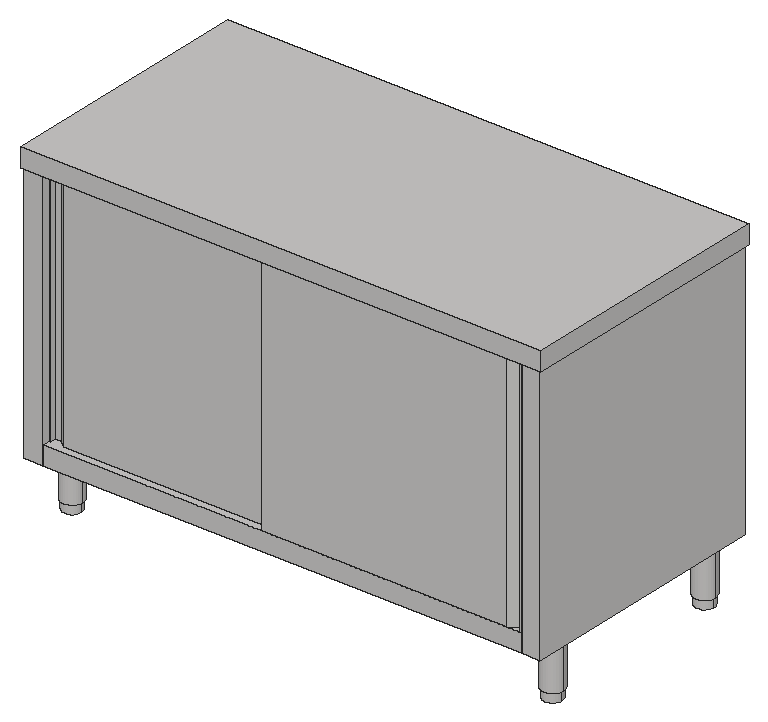
Revit family "QF_ZANUSSI_132772_MTN1400PN", category Specialty Equipment, Revit 2023
Family settings
  Round Connector Dimension = Use Diameter
  Part Type = Normal
  Work Plane-Based = No
  Enable Cutting in Views = No
  Always vertical = Yes
  Cut with Voids When Loaded = No
  Maintain Annotation Orientation = No
  Shared = No
  Room Calculation Point = No
Parameters (values of type "Standard")
  Weight = 60.00 kg
  Watts = 0 W
  Volts = 0 V
  URL Manufacturer = "http://www.zanussiprofessional.com"
  URL = "http://www.zanussiprofessional.com"
  Steam Supply Size = 0 mm
  Steam Supply Minimum Pressure = 0.0 Pa
  Steam Supply Maximum Pressure = 0.0 Pa
  Steam Consumption per Hour = 0
  Refrigeration Suction Line Size = 0.0 mm
  Refrigeration Liquid Line Size = 0.0 mm
  Refrigerant Compressor Remote = yes
  Default Elevation = 0.0 mm
  Manufacturer = "Zanussi"
  Phase = 0
  Model = "MTN1400PN"
  Length Actual = 1400.0 mm
  Item Number = "132772"
  Hot Water Size = 0 mm
  Height Actual = 900.0 mm
  HP = "0 HP"
  Gas Size = 0 mm
  Gas KW = 0
  Gas Input Pressure = 0 W
  Direct Waste Size = 0 mm
  Description = "WORKTOP CUPB.+SHELF+SLIDING DOORS 1400MM"
  Depth Actual = 700.0 mm
  Cycle = 0 Hz
  Condensate Return Size = 0 mm
  Compressed Air Volume = 0.0 L/s
  Compressed Air Size = 0 mm
  Compressed Air Pressure = 0.0 Pa
  Cold Water Size = 0 mm
  Accessory = no
Reference planes
  plane 1 "Center (Front/Back)": y = 0
  plane 2: z = 0
  plane 3 "Center (Left/Right)": x = -200
  plane 4 "LEFT": x = -900
  plane 5 "RIGHT": x = 500
  plane 6 "BACK": y = 350
  plane 7 "FRONT": y = -350
  plane 8 "Base": z = 850
  plane 9 "TOP": z = 900
  plane 10: x = -846.9
  plane 11: x = 446.9
  plane 12: y = 270
  plane 13: y = -241.9
  plane 14 "BodyLeft": x = -894.5
  plane 15 "BodyFront": y = -344.5
  plane 16 "BodyRight": x = 494.5
  plane 17 "BodyBack": y = 344.5
  plane 18 "FEET": z = 150
  plane 19: x = -144.5
  plane 20: x = -255.5
Forms (mm)
  Extrusion 1, solid, material "QF_Finishes_Stainless Steel"
    sketch origin (-200, 0, 0) x (0, 1, 0) y (0, 0, 1)
      loop
        line (-350, 850) -> (350, 850) -> (350, 900) -> (-350, 900) -> (-350, 850)
    from 700 to -700
  Extrusion 2, solid, material "QF_Finishes_Stainless Steel"
    sketch origin (0, 0, 150) x (-1, 0, 0) y (0, -1, 0)
      loop
        line (894.5, -344.5) -> (894.5, 344.5) -> (844.5, 344.5) -> (844.5, -344.5) -> (894.5, -344.5)
      loop
        line (-444.5, -344.5) -> (-444.5, 344.5) -> (-494.5, 344.5) -> (-494.5, -344.5) -> (-444.5, -344.5)
    from 0 to 700
  Extrusion 3, solid, material "QF_Finishes_Stainless Steel"
    sketch origin (0, 0, 150) x (-1, 0, 0) y (0, -1, 0)
      loop
        line (843.585, -344.5) -> (843.585, 344.5) -> (-444.5, 344.5) -> (-444.5, -344.5) -> (843.585, -344.5)
    from 0 to 50
  Extrusion 4, solid, material "QF_Finishes_Stainless Steel"
    sketch origin (0, 0, 150) x (-1, 0, 0) y (0, -1, 0)
      loop
        line (843.585, -344.5) -> (843.585, -294.5) -> (-444.5, -294.5) -> (-444.5, -344.5) -> (843.585, -344.5)
    from 50 to 700
  Extrusion 5, solid, material "QF_Finishes_Stainless Steel"
    sketch origin (0, 0, 150) x (-1, 0, 0) y (0, -1, 0)
      loop
        line (-444.5, 344.5) -> (-444.5, 324.5) -> (255.5, 324.5) -> (255.5, 344.5) -> (-404.5, 344.5) -> (-424.5, 329.5) -> (-439.5, 329.5) -> (-439.5, 344.5) -> (-444.5, 344.5)
    from 50 to 700
  Extrusion 6, solid, material "QF_Finishes_Stainless Steel"
    sketch origin (0, 20, 150) x (1, 0, 0) y (0, 1, 0)
      loop
        line (-844.5, -344.5) -> (-839.5, -344.5) -> (-839.5, -329.5) -> (-824.5, -329.5) -> (-804.5, -344.5) -> (-144.5, -344.5) -> (-144.5, -324.5) -> (-844.5, -324.5) -> (-844.5, -344.5)
    from 50 to 700
Lines and regions (mm)
  symbolic lines
    curve 1: line (500, 350, 900) -> (-900, 350, 900)
    curve 2: line (-900, 350, 900) -> (-900, -350, 900)
    curve 3: line (-900, -350, 900) -> (500, -350, 900)
    curve 4: line (500, -350, 900) -> (500, 350, 900)
  symbolic lines, style "SpecialityEquipmentHiddenLines"
    curve 5: line (-894.5, 344.5, 150) -> (494.5, 344.5, 150)
    curve 6: line (-894.5, -344.5, 150) -> (-894.5, 344.5, 150)
    curve 7: line (494.5, -344.5, 150) -> (-894.5, -344.5, 150)
    curve 8: line (494.5, 344.5, 150) -> (494.5, -344.5, 150)
    curve 9: line (-844.5, -304.5, 150) -> (-144.5, -304.5, 150)
    curve 10: line (-144.5, -304.5, 150) -> (-144.5, -324.5, 150)
    curve 11: line (-844.5, -324.5, 150) -> (444.5, -324.5, 150)
    curve 12: line (444.5, -324.5, 150) -> (444.5, -344.5, 150)
    curve 13: line (-255.5, -324.5, 150) -> (-255.5, -344.5, 150)
    curve 14: line (-844.5, -304.5, 150) -> (-844.5, -324.5, 150)
Dimensions and locks
  plane 4 "LEFT" to plane 5 "RIGHT" = 1400.0 mm
  equal spacing: plane 4 "LEFT", plane 3 "Center (Left/Right)", plane 5 "RIGHT"
  locked: plane 8 "Base" to level at 850
  plane 9 "TOP" to level = 900.0 mm
  plane 6 "BACK" to plane 7 "FRONT" = 700.0 mm
  equal spacing: plane 6 "BACK", plane 1 "Center (Front/Back)", plane 7 "FRONT"
  locked: plane 4 "LEFT" to plane 14 "BodyLeft" at 5.5
  locked: plane 16 "BodyRight" to plane 5 "RIGHT" at 5.5
  locked: plane 15 "BodyFront" to plane 7 "FRONT" at 5.5
  locked: plane 6 "BACK" to plane 17 "BodyBack" at 5.5
  locked: plane 14 "BodyLeft" to plane 10 at 47.6
  locked: plane 11 to plane 16 "BodyRight" at 47.6
  locked: plane 13 to plane 15 "BodyFront" at 102.6
  locked: plane 17 "BodyBack" to plane 12 at 74.5
  plane 10 to plane 11 = 1293.8 mm
  plane 12 to plane 13 = 511.9 mm
  locked: plane 14 "BodyLeft" to Extrusion 2 sketch curve at 50
  locked: Extrusion 2 sketch curve to Extrusion 2 sketch curve at 50
  Extrusion 3 to Extrusion 4 sketch curve = 50.0 mm
  Extrusion 2 to plane 19 = 700.0 mm
  plane 20 to Extrusion 2 = 700.0 mm
  locked: plane 18 "FEET" to level at 150
  aligned and locked: level to plane 2
  aligned and locked: plane 10 to nested 1
  aligned and locked: nested 1 to plane 13
  aligned and locked: plane 11 to nested 2
  aligned and locked: nested 2 to plane 13
  aligned and locked: plane 11 to nested 4
  aligned and locked: nested 4 to plane 12
  aligned and locked: plane 10 to nested 3
  aligned and locked: nested 3 to plane 12
  aligned and locked: Extrusion 1 to plane 4 "LEFT"
  aligned and locked: plane 5 "RIGHT" to Extrusion 1
  aligned and locked: curve 2 to plane 4 "LEFT"
  aligned and locked: plane 17 "BodyBack" to Extrusion 2 sketch curve
  aligned and locked: Extrusion 2 sketch curve to plane 15 "BodyFront"
  aligned and locked: Extrusion 2 sketch curve to plane 14 "BodyLeft"
  aligned and locked: plane 16 "BodyRight" to Extrusion 2 sketch curve
  aligned and locked: Extrusion 2 sketch curve to plane 17 "BodyBack"
  aligned and locked: plane 15 "BodyFront" to Extrusion 2 sketch curve
  aligned and locked: Extrusion 3 sketch curve to plane 17 "BodyBack"
  aligned and locked: plane 15 "BodyFront" to Extrusion 3 sketch curve
  aligned and locked: plane 8 "Base" to Extrusion 2
  aligned and locked: Extrusion 4 sketch curve to Extrusion 3
  aligned and locked: plane 8 "Base" to Extrusion 5
  aligned and locked: Extrusion 5 to Extrusion 3
  aligned and locked: Extrusion 6 sketch curve to plane 19
  aligned and locked: Extrusion 5 sketch curve to plane 20
  aligned and locked: Extrusion 1 to plane 8 "Base"
  aligned and locked: plane 9 "TOP" to Extrusion 1
  aligned and locked: curve 5 to plane 17 "BodyBack"
  aligned and locked: plane 14 "BodyLeft" to curve 6
  aligned and locked: plane 15 "BodyFront" to curve 7
  aligned and locked: plane 16 "BodyRight" to curve 8
Automatic sketch dimensions
  curve 3 to plane 7 "FRONT" = 0.0 mm
  curve 4 to plane 6 "BACK" = 0.0 mm
  Extrusion 1 sketch curve to plane 7 "FRONT" = 0.0 mm
  plane 9 "TOP" to Extrusion 1 sketch curve = 0.0 mm
  Extrusion 1 sketch curve to plane 6 "BACK" = 0.0 mm
  Extrusion 1 sketch curve to plane 8 "Base" = 0.0 mm
  Extrusion 5 sketch curve to plane 15 "BodyFront" = 0.0 mm  (x2)
  Extrusion 5 sketch curve to plane 11 = 2.4 mm
  Extrusion 5 sketch curve to Extrusion 5 sketch curve = 5.0 mm
  Extrusion 5 sketch curve to Extrusion 5 sketch curve = 15.0 mm
  Extrusion 5 sketch curve to Extrusion 5 sketch curve = 20.0 mm
  plane 15 "BodyFront" to Extrusion 5 sketch curve = 15.0 mm
  plane 15 "BodyFront" to Extrusion 5 sketch curve = 20.0 mm
  Extrusion 6 sketch curve to plane 15 "BodyFront" = 20.0 mm  (x2)
  Extrusion 6 sketch curve to plane 10 = 2.4 mm
  Extrusion 6 sketch curve to Extrusion 6 sketch curve = 5.0 mm
  Extrusion 6 sketch curve to Extrusion 6 sketch curve = 15.0 mm
  Extrusion 6 sketch curve to Extrusion 6 sketch curve = 20.0 mm  (x2)
  Extrusion 6 sketch curve to plane 15 "BodyFront" = 35.0 mm
  Extrusion 3 sketch curve to plane 11 = 2.4 mm
  plane 10 to Extrusion 3 sketch curve = 3.315 mm
  Extrusion 4 sketch curve to plane 11 = 2.4 mm
  plane 10 to Extrusion 4 sketch curve = 3.315 mm
  curve 10 to plane 19 = 0.0 mm
  curve 13 to plane 20 = 0.0 mm
  curve 11 to plane 11 = 2.4 mm
  plane 15 "BodyFront" to curve 9 = 40.0 mm
  curve 12 to curve 12 = 20.0 mm
  plane 10 to curve 14 = 2.4 mm
  curve 4 to plane 5 "RIGHT" = 0.0 mm
Nested families
  nested 1: "FEET_D58-150" at (-846.9, -241.9, 0), type "FEET_D58-150"
  nested 2: "FEET_D58-150" at (446.9, -241.9, 0), type "FEET_D58-150"
  nested 3: "FEET_D58-150" at (-846.9, 270, 0), type "FEET_D58-150"
  nested 4: "FEET_D58-150" at (446.9, 270, 0), type "FEET_D58-150"
Definition of nested family "FEET_D58-150"
  Parameters
    Default Elevation = 0.0 mm
    FEET = 150.0 mm
  Reference planes
    plane 1 "Center (Front/Back)": y = 0
    plane 2: z = 0
    plane 3 "Center (Left/Right)": x = 0
    plane 4: z = 150
  Forms (mm)
    Extrusion 1, solid
      sketch origin (0, 0, 0) x (1, 0, 0) y (0, 1, 0)
        loop
          circle (0, 0) r 25
      from 0 to 25
    Extrusion 2, solid
      sketch origin (0, 0, 0) x (1, 0, 0) y (0, 1, 0)
        loop
          circle (0.061, 0) r 29
      from 25 to 150 <- "FEET"
  Lines and regions (mm)
    symbolic lines
      curve 1: line (0, -1.503, 0) -> (0, 1.508, 0)
      curve 2: line (1.561, 0, 0) -> (-1.439, 0, 0)
  Dimensions and locks
    "FEET": plane 4 to plane 2
    aligned and locked: level to plane 2
  Automatic sketch dimensions
    plane 1 "Center (Front/Back)" to Extrusion 1 sketch curve = 0.0 mm
    Extrusion 1 sketch curve to plane 3 "Center (Left/Right)" = 0.0 mm
    plane 1 "Center (Front/Back)" to curve 2 = 0.0 mm
    curve 1 to plane 3 "Center (Left/Right)" = 0.0 mm
    curve 2 to plane 3 "Center (Left/Right)" = 1.439 mm
    plane 3 "Center (Left/Right)" to curve 2 = 1.561 mm
    plane 1 "Center (Front/Back)" to curve 1 = 1.503 mm
    curve 1 to plane 1 "Center (Front/Back)" = 1.508 mm
    plane 1 "Center (Front/Back)" to Extrusion 2 sketch curve = 0.0 mm
    plane 3 "Center (Left/Right)" to Extrusion 2 sketch curve = 0.061 mm
    radius of Extrusion 1 sketch curve = 25.0 mm
    radius of Extrusion 2 sketch curve = 29.0 mm
